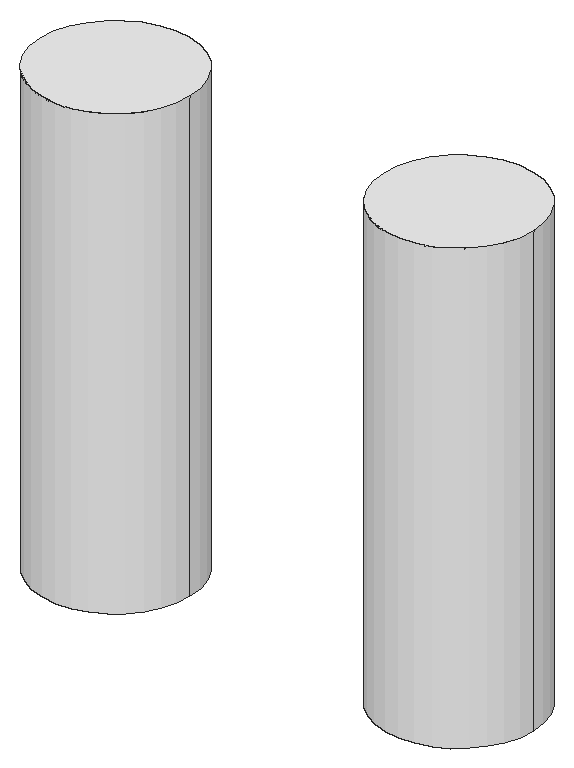
Revit family "65242213", category Plumbing Fixtures, Revit 2018
Family settings
  Round Connector Dimension = Use Diameter
  Part Type = Normal
  OmniClass Number = 23.45.55.00
  OmniClass Title = Sanitary Faucets, Wastes
  Work Plane-Based = No
  Always vertical = Yes
  Cut with Voids When Loaded = No
  Shared = No
  Room Calculation Point = No
Parameters (values of type "65242213 Kitchen faucet with dishwasher valve, 230/5 V ")
  WorkingPressure = "100 - 1000 kPa"
  Working Pressure = "100 - 1000 kPa"
  WarrantyStartDate [instance] = "n/a"
  WarrantyGuarantorParts = "n/a"
  WarrantyGuarantorLabor = "n/a"
  WarrantyDurationUnit = "Year"
  WarrantyDurationParts = "n/a"
  WarrantyDurationLabor = "n/a"
  WarrantyDescription = "http://warranty.hansa.com"
  Warranty Information URL = "http://warranty.hansa.com"
  VersionDate = "01/07/2022"
  Version = "2"
  ValvePattern = "n/a"
  ValveOperation = "n/a"
  ValveMechanism = "n/a"
  Uniclass2015Reference = "Pr_40_20_87_96"
  Uniclass2015Description = "Washbasin manual water supply sets"
  Uniclass2 = "Pr_40_30_96_96"
  URL WEEE = "http://www.hansa.com/fileadmin/resources/153036_WEEE.pdf"
  URL REACH = "http://static.hansa.com/doc/reach"
  URL Declaration of Conformity = "http://static.hansa.com/DoC/65242213"
  URL = ""
  UNSPSC Class Number = "30181700 Faucets or taps"
  Type Comments = ""
  TestPressure = "n/a"
  Technical DataSheet URL = "http://www.hansa.com/datasheet/65242213/en"
  TagNumber [instance] = "n/a"
  SustainabilityPerformance = "n/a"
  Surface treatment = "Chrome"
  Spout Type = "Swivel spout;Swivel range limiting option"
  Spout Swivel Range = "120° (80° / 60°)"
  Spout Projection = "193 mm"
  Spare-Part Information URL = "http://static.hansa.com/sp/65242213"
  Size = "120x255x300 mm"
  Shape = "Sculptured"
  SerialNumber [instance] = "n/a"
  Sales Package dimensions (LxWxH) = "460 x 300 x 130"
  Revision = "1"
  ReplacementCost = "n/a"
  Protection Class = "IP 54 / transformer IP 20"
  ProductInformation = "n/a"
  Product URL = "http://static.hansa.com/65242213"
  Product Image URL = "http://static.hansa.com/image/65242213"
  Product Family = "HANSAFIT Hybrid"
  Product Code = "65242213"
  Pressure Loss With Flow 02ls = 290000.0 Pa
  OperatingMechanismMaterial = "n/a"
  Operating Voltage = 5 V
  Operating Distance = "0-40 mm"
  NominalWidth = 122 mm
  NominalHeight = 293.5 mm
  NominalDepth = 255.5 mm
  Noise Class = "I (ISO 3822)"
  Name_en = "65242213 Kitchen faucet with dishwasher valve, 230/5 V"
  Name = "65242213 Kitchen faucet with dishwasher valve, 230/5 V"
  NBSReference = "45-35-70/371"
  NBSDescription = "Water supply fittings for wash basins and troughs"
  Mounting Holes = "1 hole"
  ModelReference = "65242213"
  ModelNumber = "n/a"
  Model = "65242213 Kitchen faucet with dishwasher valve, 230/5 V"
  Mobile Product Information URL = "http://mpi.hansa.com/65242213"
  Mechanical Parts = "Ceramic head part for flow control;Mixing valve for manual temperature control;Litter filter(s)"
  Max. Hot Water Supply = 70 °C
  Max Flow Period = "40 s (10/40/60/120/180 s)"
  Material = "brassPlastic"
  Market = "Austria;Belgium;Czech Republic;Germany;Spain;France;International;Italy;Netherlands;Slovakia"
  ManufacturerURL = "http://www.hansa.com"
  ManufacturerName = "HANSA"
  Manufacturer = "HANSA"
  Lever Handle = "Two operating levers/handles;Easy-Grip surface"
  Keynote = ""
  Interactive AR View URL = "https://static.hansa.com/AR/65242213"
  InstallationDate [instance] = "n/a"
  Installation and Maintenance Guide URL = "http://static.hansa.com/manual/65242213"
  Installation Type = "Deck mounted"
  InletConnectionSize = 10 mm
  IfcExportType = "FAUCET"  # constant formula
  IfcExportAs = "IfcValveType"  # constant formula
  Group = "Kitchen faucet"
  Grade = "n/a"
  FlowCoefficient = 0
  Flow Rate At 300kPa = 0.2 L/s
  Flow Drawing URL = "http://static.hansa.com/flowchart/65242213"
  Finish = "Polished"
  Features = "Hybrid;Plug transformer;Dishwasher valve"
  FaucetMainMaterial = Brass
  FDV Document URL = "http://www.hansa.com/datasheet/65242213/en/fdv"
  ExpectedLife = "n/a"
  Electronic Parts = "Autofocus infrared sensor;Solenoid valve;External control unit;Power supply;Light indicated function(s)"
  Electrical Connection = "230 / 5 V"
  ETIM Class Number = "EC011431 Kitchen mixing tap"
  EN Standard = "EN 1111"
  EMC Directive = "2014/30/EU , 2014/35/EU , 2011/65/EU"
  EAN Number = "4015474273450"
  DurationUnit = "Year"
  Dishwasher Valve Open Period = "4 h / 12 h"
  Dishwasher Valve = "Electronic stop valve for external equipment"
  Dimension Drawing URL = "http://static.hansa.com/dimdrw/65242213"
  Description = ""
  DefaultElevation [instance] = 900 mm
  Constituents = "n/a"
  Connection Size = "G3/8"
  Connection = "Flexible inlet pipes"
  Color = "Chrome"
  CodePerformance = "n/a"
  CloseOffRating = 0
  Category = "Kitchen"
  Catalog Drawing URL = "http://static.hansa.com/catdrw/65242213"
  Brand = "HANSA"
  BodyMaterial = "Brass"
  Barcode [instance] = "n/a"
  Backflow Prevention EN1717 = "AA"
  BIMObjectName = "65242213"
  Automatic Flush Period = "30 s (10/30/60/120/180 s)"
  Automatic Flush Frequency = "off (off/12/24/48/72 h)"
  Author = "BIMStone"
  AssetType = "Fixed"
  AssetIdentifier [instance] = "n/a"
  Afterflow Period = "4 s (2/4/8/10/20 s)"
  Aerator = "Hidden aerator;Standard aerator"
  Advanced Features = "Surfaces in contact with drinking water contain less than 0.3% lead;Inner body made of DZR brass;Waterways without nickel coating;Software settings adjustable via buttons"
  Additional Features = "Faucet is GGT-approved user test VERY GOOD"
  AccessibilityPerformance = "n/a"
  3D View = "https://static.hansa.com/3D/65242213"
  2D/3D/BIM Files URL = "http://static.hansa.com/bim/65242213"
Reference planes
  plane 1 "Center (Front/Back)": y = 0
  plane 2: z = 0
  plane 3 "Center (Left/Right)": x = 0
  plane 4: x = -61
  plane 5: z = 900
  plane 6: z = 870
  plane 7: y = -255.5
  plane 8: x = 61
  plane 9: z = 1193.5
Forms (mm)
  Extrusion 1, solid, material "Brass" <- "FaucetMainMaterial"
    sketch origin (0, -9.588, 0) x (1, 0, 0) y (0, 1, 0)
      loop
        circle (-11.5, -22.5) r 5
      loop
        circle (11.5, -22.5) r 5
    from 870 to 900
Dimensions and locks
  "DefaultElevation": plane 5 to level
  locked: plane 5 to plane 6 at 30
  "NominalDepth": plane 7 to plane 1 "Center (Front/Back)"
  equal spacing: plane 4, plane 3 "Center (Left/Right)", plane 8
  "NominalHeight": plane 9 to plane 5
  "NominalWidth": plane 4 to plane 8
  "InletConnectionSize": diameter of Extrusion 1 sketch curve  (x2)
  aligned and locked: level to plane 2
  aligned and locked: plane 5 to Extrusion 1
  aligned and locked: Extrusion 1 to plane 6
  aligned and locked: nested 2 to plane 5
  aligned and locked: plane 1 "Center (Front/Back)" to nested 2
  aligned and locked: plane 3 "Center (Left/Right)" to nested 2
  aligned and locked: plane 3 "Center (Left/Right)" to nested 1
  aligned and locked: plane 1 "Center (Front/Back)" to nested 1
Automatic sketch dimensions
  Extrusion 1 sketch curve to plane 3 "Center (Left/Right)" = 11.5 mm
  plane 3 "Center (Left/Right)" to Extrusion 1 sketch curve = 11.5 mm
  plane 1 "Center (Front/Back)" to Extrusion 1 sketch curve = 32.088 mm  (x2)
Nested families
  nested 1: "Symbol" at (0, 0, 0), type "Symbol", detail levels coarse
  nested 2: "65242213_Body" at (0, 0, 900), Material <- "FaucetMainMaterial", type "65242213_Body"
    with Material Brass
Connectors
  piping at (-11.5, -32.088, 870), diameter 10, driven by "InletConnectionSize"
    settings: on Extrusion 1, index 1, connector inside diameter 609.6 mm, connector length 0 mm, flow factor 0, pipe flow 0.2 L/s, pressure drop 0.0 Pa, fitting loss kfactor 0, connector angle 0.00°, fixture units 0, engagement length 0 mm, angle of deflection 0.00°, flow configuration 1, flow direction 1, fitting loss method 0, system type 19, joint type 0, gender type 0, connector reference index -1, connector utility 0, adjustable connector no, is connector primary yes, connector description ""
  piping at (11.5, -32.088, 870), diameter 10, driven by "InletConnectionSize"
    settings: on Extrusion 1, index 2, connector inside diameter 609.6 mm, connector length 0 mm, flow factor 0, pipe flow 0.2 L/s, pressure drop 0.0 Pa, fitting loss kfactor 0, connector angle 0.00°, fixture units 0, engagement length 0 mm, angle of deflection 0.00°, flow configuration 1, flow direction 1, fitting loss method 0, system type 20, joint type 0, gender type 0, connector reference index -1, connector utility 0, adjustable connector no, is connector primary no, connector description ""
Definition of nested family "Symbol"
  Reference planes
    plane 1: y = 0
    plane 2: x = 0
  Lines and regions (mm)
    detail lines
      curve 1: line (0, 0, 0) -> (0, -1.8, 0)
      curve 2: line (-0.4, -1.1, 0) -> (0.4, -1.1, 0)
      curve 3: line (-0.4, -1.4, 0) -> (0.4, -1.4, 0)
      curve 4: line (0.863, 0, 0) -> (-0.863, 0, 0)
      curve 5: circle (-1.163, 0, 0) r 0.3 normal (0, 0, -1)
      curve 6: circle (1.163, 0, 0) r 0.3 normal (0, 0, 1)
